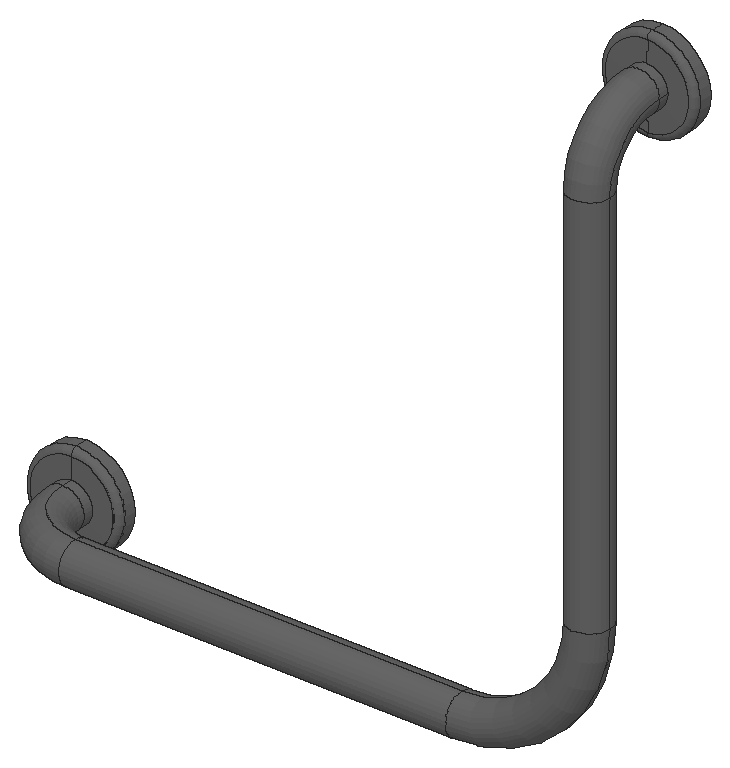
Revit family "RBA4095-450", category Plumbing Fixtures, Revit 2021
Family settings
  Round Connector Dimension = Use Diameter
  Part Type = Normal
  Work Plane-Based = No
  Always vertical = Yes
  Cut with Voids When Loaded = No
  Shared = Yes
  Room Calculation Point = No
Parameters (values of type "RBA4095-450")
  Watermarked By = "www.rba.com.au"
  URL = "www.rba.com.au"
  Phone Number = ""
  OFFSET [instance] = 800.00 mm
  Modified Issue = "20211007.01"
  Model = "RBA4095-450"
  Materials and Finishes = Stainless Steel Matte Black Finish
  Manufacturer = "RBA Group"  # constant formula
  Lgth = 900.00 mm
  Diameter = 32.00 mm
  Description = "90° Ambulant Angled Grab Rail"
  Default Elevation = 0.00 mm
  Copyright by = "RBA Group"  # constant formula
Reference planes
  plane 1 "Center (Front/Back)": y = 0
  plane 2: z = 0
  plane 3 "Center (Left/Right)": x = 0
  plane 4: z = 800
  plane 5: z = 784
  plane 6: z = 1234
  plane 7: y = -55
  plane 8: y = -71
  plane 9: y = -87
  plane 10: x = -16
Forms (mm)
  Revolve 1, solid, material "Stainless Steel Matte Black Finish" <- "Materials and Finishes"
    sketch origin (0, 0, 0.016) x (0, 1, 0) y (0, 0, 1)
      loop
        line (-14.798, 1233.984) -> (0, 1233.984) -> (0, 1271.484) -> (-9.683, 1271.484)
        arc (-9.683, 1271.484) -> (-13.194, 1270.036) -> (-14.663, 1266.534) r 4.979
        arc (-14.663, 1266.534) -> (-14.721, 1258.245) -> (-14.798, 1249.984) r 3642.758
        line (-14.798, 1249.984) -> (-14.798, 1233.984)
      axis (0, 1233.984) -> (-14.798, 1233.984)
    angle from 0 to 360
  Extrusion 2, void
    sketch origin (0, 0, 0) x (1, 0, 0) y (0, 0, 1)
      loop
        circle (0, 1234) r 36
    from 0 to 2.847
  Extrusion 3, void
    sketch origin (0, 0, 0) x (1, 0, 0) y (0, 0, 1)
      loop
        circle (27.5, 1233.984) r 5
      loop
        circle (-27.5, 1233.984) r 5
    from 2.847 to 5.822
  Sweep 4, solid, material "Stainless Steel Matte Black Finish" <- "Materials and Finishes"
    path origin (0, 0, 0) x (0, 1, 0) y (0, 0, 1)
      loop
        line (-14.798, 1234) -> (-23, 1234)
        arc (-23, 1234) -> (-56.941, 1219.941) -> (-71, 1186) r 48
    profile origin (0, -18.899, 1234) x (0, 0, -1) y (1, 0, 0)
      loop
        circle (0, 0) r 16
  Revolve 5, solid, material "Stainless Steel Matte Black Finish" <- "Materials and Finishes"
    sketch origin (-450, 0, -449.984) x (0, 1, 0) y (0, 0, 1)
      loop
        line (-14.798, 1233.984) -> (0, 1233.984) -> (0, 1271.484) -> (-9.683, 1271.484)
        arc (-9.683, 1271.484) -> (-13.194, 1270.036) -> (-14.663, 1266.534) r 4.979
        arc (-14.663, 1266.534) -> (-14.721, 1258.245) -> (-14.798, 1249.984) r 3642.758
        line (-14.798, 1249.984) -> (-14.798, 1233.984)
      axis (0, 1233.984) -> (-14.798, 1233.984)
    angle from 0 to 360
  Extrusion 6, void
    sketch origin (-450, 0, -450) x (1, 0, 0) y (0, 0, 1)
      loop
        circle (0, 1234) r 36
    from 0 to 2.847
  Sweep 7, solid, material "Stainless Steel Matte Black Finish" <- "Materials and Finishes"
    path origin (784, 0, 784) x (0, 1, 0) y (-1, 0, 0)
      loop
        line (-14.798, 1234) -> (-23, 1234)
        arc (-23, 1234) -> (-56.941, 1219.941) -> (-71, 1186) r 48
    profile origin (-450, -18.899, 784) x (1, 0, 0) y (0, 0, 1)
      loop
        circle (0, 0) r 16
  Sweep 8, solid, material "Stainless Steel Matte Black Finish" <- "Materials and Finishes"
    path origin (0, -71, 0) x (1, 0, 0) y (0, 0, 1)
      loop
        line (0, 1186) -> (0, 884)
        arc (0, 884) -> (-29.289, 813.289) -> (-100, 784) r 100
        line (-100, 784) -> (-402, 784)
    profile origin (0, -71, 1035) x (0, -1, 0) y (1, 0, 0)
      loop
        circle (0, 0) r 16
  Extrusion 9, void
    sketch origin (0, 0, 0) x (1, 0, 0) y (0, 0, 1)
      loop
        circle (-477.5, 783.984) r 5
      loop
        circle (-422.5, 783.984) r 5
    from 2.847 to 5.822
Cuts and joins
  Extrusion 2, Extrusion 3 cuts Revolve 1
  Extrusion 6, Extrusion 9 cuts Revolve 5
  joined: Revolve 1, Sweep 4, Revolve 5, Sweep 7, Sweep 8
Dimensions and locks
  plane 6 to plane 5 = 450.00 mm
  aligned and locked: level to plane 2
